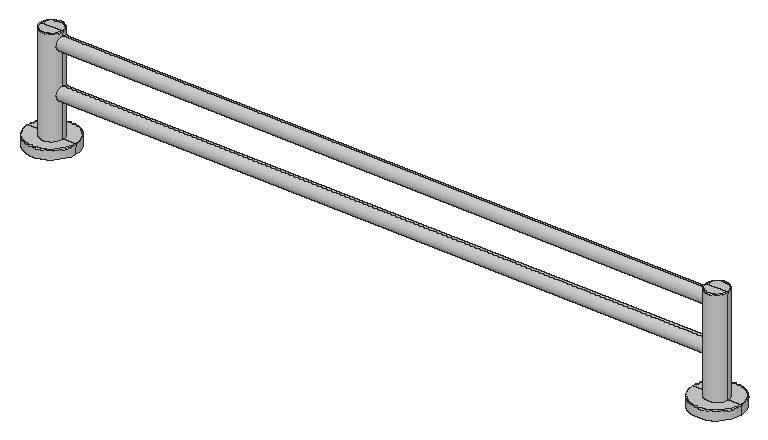
Revit family "TowelRail_Double_Abey_Builders_800_FaceBased", category Specialty Equipment, host Face, Revit 2022
Family settings
  Host = Face
  Round Connector Dimension = Use Diameter
  Part Type = Normal
  OmniClass Number = 23.31.25.25
  OmniClass Title = Towel Bars
  Cut with Voids When Loaded = No
  Maintain Annotation Orientation = No
  Shared = No
  Room Calculation Point = No
Parameters (values of type "Chrome (1AB-DTR-800)")
  Uniclass2015Version = "Products v1.38"
  Uniclass2015Title = "Towel rails"
  Uniclass2015Code = "Pr_40_20_76_90"
  URL = "https://www.abey.com.au/"
  Type Comments = "Towel Rail - Double - 800 - Chrome"
  ModifiedIssue = 20251103
  Model = "1AB-DTR-800"
  Material = Metal_Abey_Chrome
  ManufacturerURLProductSpecific = "https://www.abeyspecifier.com.au/product/abey-builders-double-towel-rail-800mm/"
  ManufacturerSpecCode = Model  # "1AB-DTR-800"
  ManufacturerOverallWidth = 800 mm  # constant formula
  ManufacturerOverallHeight = 55 mm  # constant formula
  ManufacturerOverallDepth = 118 mm  # constant formula
  Manufacturer = "Abey"
  Keynote = ""
  IfcExportType = "NOTDEFINED"
  IfcExportAs = "IfcFurniture"
  Description = "Abey Builders Double Towel Rail 800mm Chrome"
  Default Elevation = 900 mm
  CreatedByURL = "https://igsgroup.com.au"
  CreatedBy = "IGS BIM Solutions"  # constant formula
  Cost = 0
  Assembly Code = "C1030210"
Types (3, lengths in mm): name | Type Comments | Model | Material | ManufacturerURLProductSpecific | ManufacturerSpecCode | Description
  Chrome (1AB-DTR-800) | "Towel Rail - Double - 800 - Chrome" | "1AB-DTR-800" | Metal_Abey_Chrome | "https://www.abeyspecifier.com.au/product/abey-builders-double-towel-rail-800mm/" | "1AB-DTR-800" | "Abey Builders Double Towel Rail 800mm Chrome"
  Brushed Nickel (1AB-DTR-800-BN) | "Towel Rail - Double - 800 - Brushed Nickel" | "1AB-DTR-800-BN" | Metal_Abey_BrushedNickel | "https://www.abeyspecifier.com.au/product/abey-builders-double-towel-rail-800mm/?attribute_pa_finish=brushed-nickel" | "1AB-DTR-800-BN" | "Abey Builders Double Towel Rail 800mm Brushed Nickel"
  Black (1AB-DTR-800-B) | "Towel Rail - Double - 800 - Black" | "1AB-DTR-800-B" | Metal_Abey_Black | "https://www.abeyspecifier.com.au/product/abey-builders-double-towel-rail-800mm/?attribute_pa_finish=black" | "1AB-DTR-800-B" | "Abey Builders Double Towel Rail 800mm Black"
Reference planes
  plane 1 "Top": y = 46.5
  plane 2 "WallFace": z = 0
  plane 3 "Center (Left/Right)": x = -97.18
  plane 4 "Bottom": y = -8.5
  plane 5 "Left": x = -497.18
  plane 6 "Right": x = 302.82
  plane 7 "Back": z = 0
  plane 8 "Front": z = 118
  plane 9 "MountingHeight": y = 19
Text (mm)
  text "Disclaimer:\nDue to ongoing product development and manufacturing evolution, product details are subject to change without notice. Please refer to product technical data sheets on the manufacturers website for the most current product information. Please allow a +/- 5mm manufacturing tolerance for dimensions and set-outs shown in product literature." at (431.593, 11.453, 0), in view "Ref. Level"
Dimensions and locks
  equal spacing: plane 5 "Left", plane 3 "Center (Left/Right)", plane 6 "Right"
  "ManufacturerOverallWidth": plane 5 "Left" to plane 6 "Right"
  "ManufacturerOverallHeight": plane 4 "Bottom" to plane 1 "Top"
  "ManufacturerOverallDepth": plane 8 "Front" to plane 7 "Back"
  equal spacing: plane 4 "Bottom", plane 9 "MountingHeight", plane 1 "Top"
  aligned and locked: plane 2 "WallFace" to host face
  aligned and locked: level to host face
  aligned and locked: plane 7 "Back" to plane 2 "WallFace"
  aligned and locked: plane 7 "Back" to nested 1
  aligned and locked: plane 3 "Center (Left/Right)" to nested 1
  aligned and locked: nested 1 to plane 9 "MountingHeight"
Automatic sketch dimensions
  host sketch curve to host sketch curve = 894.338 mm
  host sketch curve to host sketch curve = 204.032 mm
Nested families
  nested 1: "z_TowelRail_Double_Abey_Builders_800" at (-34.68, 19, 177.5) x (1, 0, 0) z (0, 1, 0), type "Type 1"
Definition of nested family "z_TowelRail_Double_Abey_Builders_800"
  Parameters (values of type "Type 1")
    URL = "https://www.abey.com.au/"
    Type Comments = ""
    Model = ""
    ManufacturerOverallWidth = 800 mm  # constant formula
    ManufacturerOverallHeight = 55 mm  # constant formula
    ManufacturerOverallDepth = 118 mm  # constant formula
    Manufacturer = "Abey"
    Description = ""
    Default Elevation = 0 mm
    CreatedByURL = "https://igsgroup.com.au"
    CreatedBy = "IGS BIM Solutions"  # constant formula
    Material = none
    Assembly Code = "C1030210"
  Reference planes
    plane 1 "Ref. Level": z = 0
    plane 2 "Left": x = -462.5
    plane 3 "Right": x = 337.5
    plane 4 "Back": y = 177.5
    plane 5 "Center (Elevation)": z = 0
    plane 6 "Top": z = 27.5
    plane 7 "Center (Left/Right)": x = -62.5
    plane 8 "Front": y = 59.5
    plane 9 "Bottom": z = -27.5
  Forms (mm)
    Revolve 1, solid, material <- "Material"
      sketch origin (0, 0, 0) x (0, -1, 0) y (1, 0, 0)
        loop
          line (-177.5, -435) -> (-177.5, -462.5) -> (-168, -462.5)
          arc (-168, -462.5) -> (-167.646, -462.354) -> (-167.5, -462) r 0.5
          line (-167.5, -462) -> (-167.5, -447.5) -> (-60, -447.5)
          arc (-60, -447.5) -> (-59.646, -447.354) -> (-59.5, -447) r 0.5
          line (-59.5, -447) -> (-59.5, -435) -> (-177.5, -435)
        axis (-59.5, -435) -> (-177.5, -435)
      angle from 0 to 360
    Revolve 2, solid, material <- "Material"
      sketch origin (0, 0, 0) x (0, -1, 0) y (1, 0, 0)
        loop
          line (-177.5, 310) -> (-59.5, 310) -> (-59.5, 322)
          arc (-59.5, 322) -> (-59.646, 322.354) -> (-60, 322.5) r 0.5
          line (-60, 322.5) -> (-167.5, 322.5) -> (-167.5, 337)
          arc (-167.5, 337) -> (-167.646, 337.354) -> (-168, 337.5) r 0.5
          line (-168, 337.5) -> (-177.5, 337.5) -> (-177.5, 310)
        axis (-59.5, 310) -> (-177.5, 310)
      angle from 0 to 360
    Revolve 3, solid, material <- "Material"
      sketch origin (0, 0, 0) x (0, -1, 0) y (1, 0, 0)
        loop
          line (-64, -429.674) -> (-64, 305.895) -> (-71.5, 305.895) -> (-71.5, -429.674) -> (-64, -429.674)
        axis (-71.5, 305.895) -> (-71.5, -429.674)
      angle from 0 to 360
    Revolve 4, solid, material <- "Material"
      sketch origin (0, 50, 0) x (0, -1, 0) y (1, 0, 0)
        loop
          line (-64, -429.674) -> (-64, 305.895) -> (-71.5, 305.895) -> (-71.5, -429.674) -> (-64, -429.674)
        axis (-71.5, 305.895) -> (-71.5, -429.674)
      angle from 0 to 360
  Cuts and joins
    joined: Revolve 1, Revolve 2, Revolve 3, Revolve 4
  Lines and regions (mm)
    Masking region 1
      outline origin (0, 0, 27.5) x (0, -1, 0) y (1, 0, 0)
        loop
          line (-177.5, -462.5) -> (-168, -462.5)
          arc (-168, -462.5) -> (-167.646, -462.354) -> (-167.5, -462) r 0.5
          line (-167.5, -462) -> (-167.5, -447.5) -> (-60, -447.5)
          arc (-60, -447.5) -> (-59.646, -447.354) -> (-59.5, -447) r 0.5
          line (-59.5, -447) -> (-59.5, -423)
          arc (-59.5, -423) -> (-59.646, -422.646) -> (-60, -422.5) r 0.5
          line (-60, -422.5) -> (-64, -422.5) -> (-64, 297.5) -> (-60, 297.5)
          arc (-60, 297.5) -> (-59.646, 297.646) -> (-59.5, 298) r 0.5
          line (-59.5, 298) -> (-59.5, 322)
          arc (-59.5, 322) -> (-59.646, 322.354) -> (-60, 322.5) r 0.5
          line (-60, 322.5) -> (-167.5, 322.5) -> (-167.5, 337)
          arc (-167.5, 337) -> (-167.646, 337.354) -> (-168, 337.5) r 0.5
          line (-168, 337.5) -> (-177.5, 337.5) -> (-177.5, 282.5) -> (-168, 282.5)
          arc (-168, 282.5) -> (-167.646, 282.646) -> (-167.5, 283) r 0.5
          line (-167.5, 283) -> (-167.5, 297.5) -> (-129, 297.5) -> (-129, -422.5) -> (-167.5, -422.5) -> (-167.5, -408)
          arc (-167.5, -408) -> (-167.646, -407.646) -> (-168, -407.5) r 0.5
          line (-168, -407.5) -> (-177.5, -407.5) -> (-177.5, -462.5)
        loop
          line (-79, -422.5) -> (-79, 297.5) -> (-114, 297.5) -> (-114, -422.5) -> (-79, -422.5)
    symbolic lines, detail levels medium+fine
      curve 1: line (-422.5, 79, 27.5) -> (-422.5, 64, 27.5)
      curve 2: line (297.5, 64, 27.5) -> (297.5, 79, 27.5)
      curve 3: line (-447.5, 167.5, 27.5) -> (-422.5, 167.5, 27.5)
      curve 4: line (297.5, 167.5, 27.5) -> (322.5, 167.5, 27.5)
      curve 5: line (-422.5, 129, 27.5) -> (-422.5, 114, 27.5)
      curve 6: line (297.5, 114, 27.5) -> (297.5, 129, 27.5)
  Dimensions and locks
    "ManufacturerOverallWidth": plane 2 "Left" to plane 3 "Right"
    equal spacing: plane 2 "Left", plane 7 "Center (Left/Right)", plane 3 "Right"
    "ManufacturerOverallDepth": plane 8 "Front" to plane 4 "Back"
    equal spacing: plane 6 "Top", plane 5 "Center (Elevation)", plane 9 "Bottom"
    "ManufacturerOverallHeight": plane 6 "Top" to plane 9 "Bottom"
    aligned and locked: level to plane 1 "Ref. Level"
  Automatic sketch dimensions
    Revolve 1 sketch curve to plane 2 "Left" = 0 mm
    plane 4 "Back" to Revolve 1 sketch curve = 0 mm  (x2)
    plane 8 "Front" to Revolve 1 sketch curve = 0 mm
    Revolve 1 sketch curve to Revolve 1 sketch curve = 9.5 mm
    plane 4 "Back" to Revolve 1 sketch curve = 10 mm
    Revolve 1 sketch curve to plane 8 "Front" = 0.5 mm
    Revolve 1 sketch curve to Revolve 1 sketch curve = 14.5 mm
    Revolve 1 sketch curve to Revolve 1 sketch curve = 12 mm
    Revolve 1 sketch curve to plane 4 "Back" = 12.5 mm
    Revolve 1 sketch curve to Revolve 1 sketch curve = 0 mm
    Revolve 2 sketch curve to plane 3 "Right" = 0 mm
    plane 4 "Back" to Revolve 2 sketch curve = 0 mm  (x2)
    plane 8 "Front" to Revolve 2 sketch curve = 0 mm
    Revolve 2 sketch curve to Revolve 2 sketch curve = 9.5 mm
    plane 4 "Back" to Revolve 2 sketch curve = 10 mm
    Revolve 2 sketch curve to plane 8 "Front" = 0.5 mm
    plane 3 "Right" to Revolve 2 sketch curve = 15 mm
    Revolve 2 sketch curve to Revolve 2 sketch curve = 12 mm
    Revolve 2 sketch curve to plane 4 "Back" = 12.5 mm
    Revolve 2 sketch curve to Revolve 2 sketch curve = 0 mm
    Revolve 3 sketch curve to plane 8 "Front" = 12 mm
    Revolve 3 sketch curve to plane 8 "Front" = 4.5 mm
    plane 2 "Left" to Revolve 3 sketch curve = 32.826 mm
    plane 3 "Right" to Revolve 3 sketch curve = 31.605 mm
    Revolve 3 sketch curve to Revolve 3 sketch curve = 0 mm  (x2)
    Revolve 3 sketch curve to Revolve 3 sketch curve = 10 mm
    plane 4 "Back" to Revolve 4 sketch curve = 56 mm
    Revolve 4 sketch curve to Revolve 4 sketch curve = 7.5 mm
    plane 2 "Left" to Revolve 4 sketch curve = 32.826 mm
    plane 3 "Right" to Revolve 4 sketch curve = 31.605 mm
    Revolve 4 sketch curve to Revolve 4 sketch curve = 0 mm  (x2)
    Revolve 4 sketch curve to Revolve 4 sketch curve = 10 mm
    Masking region 1 sketch curve to plane 2 "Left" = 0 mm
    plane 4 "Back" to Masking region 1 sketch curve = 0 mm  (x2)
    Masking region 1 sketch curve to plane 3 "Right" = 0 mm
    plane 8 "Front" to Masking region 1 sketch curve = 0 mm  (x2)
    plane 2 "Left" to Masking region 1 sketch curve = 0.5 mm
    plane 4 "Back" to Masking region 1 sketch curve = 9.5 mm  (x2)
    Masking region 1 sketch curve to Masking region 1 sketch curve = 9.5 mm  (x2)
    plane 4 "Back" to Masking region 1 sketch curve = 10 mm  (x2)
    Masking region 1 sketch curve to Masking region 1 sketch curve = 0.5 mm
    Masking region 1 sketch curve to plane 8 "Front" = 19.5 mm
    Masking region 1 sketch curve to plane 8 "Front" = 4.5 mm
    Masking region 1 sketch curve to plane 8 "Front" = 0.5 mm  (x4)
    Masking region 1 sketch curve to Masking region 1 sketch curve = 14.5 mm  (x3)
    Masking region 1 sketch curve to Masking region 1 sketch curve = 24 mm
    Masking region 1 sketch curve to Masking region 1 sketch curve = 25 mm
    Masking region 1 sketch curve to Masking region 1 sketch curve = 55 mm
    plane 3 "Right" to Masking region 1 sketch curve = 40 mm
    Masking region 1 sketch curve to Masking region 1 sketch curve = 0 mm  (x2)
    plane 3 "Right" to Masking region 1 sketch curve = 15.5 mm
    Masking region 1 sketch curve to Masking region 1 sketch curve = 38.5 mm
    Masking region 1 sketch curve to Masking region 1 sketch curve = 15 mm
    plane 4 "Back" to curve 3 = 10 mm
    plane 2 "Left" to curve 3 = 15 mm
    plane 4 "Back" to curve 4 = 10 mm
    curve 4 to curve 6 = 38.5 mm
    curve 3 to curve 5 = 38.5 mm
    curve 6 to curve 6 = 15 mm
    curve 5 to curve 5 = 15 mm
    curve 1 to plane 8 "Front" = 19.5 mm
    curve 2 to plane 8 "Front" = 19.5 mm
    curve 1 to plane 8 "Front" = 4.5 mm
    curve 2 to plane 8 "Front" = 4.5 mm
    plane 2 "Left" to curve 5 = 40 mm
    curve 3 to curve 3 = 25 mm
    plane 2 "Left" to curve 1 = 40 mm
    plane 3 "Right" to curve 6 = 40 mm
    plane 3 "Right" to curve 2 = 40 mm
    curve 4 to curve 6 = 0 mm
    plane 3 "Right" to curve 4 = 15 mm
